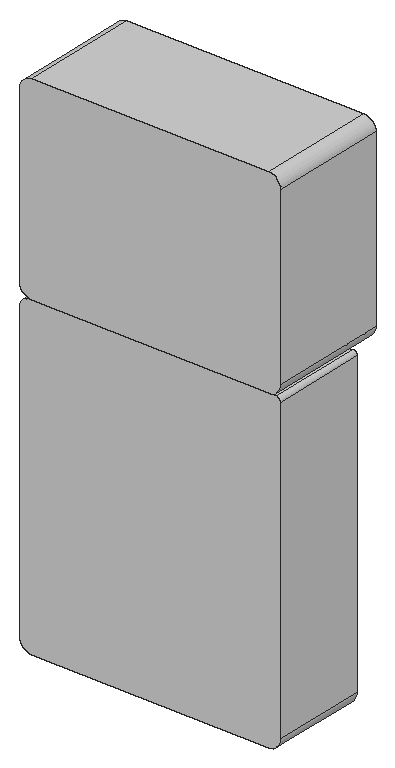
Revit family "Building-IEC309Boards-GEWISS-68QDIN-DISTRIBUTION-BOARD-10MOD_BLANK", category Attrezzatura elettrica, host Muro, Revit 2016
Family settings
  Host = Muro
  Configurazione quadro = Due colonne, circuiti in orizzontale
  Tipo di parte = Pannello comandi
  Quota connettore circolare = Usa diametro
  Numero OmniClass = 23.80.30.11.17
  Titolo OmniClass = Distribution Boards and Control Panels
  Sempre verticale = Sì
  Taglio con vuoti quando caricato = No
  Condiviso = No
  Punto di calcolo locali = No
Parameters (values of type "GW68002N - Q-DIN 10M COP.435x220x95 BLIND IP65")
  Voltaggio = "400V"
  Vista di pianta [instance] = yes
  Vetro = GEWISS - vetro
  Version type = "Empty"
  Version file RFA = "18.0"
  URL = "https://www.gewiss.com/ww/en"
  Thermo-pressure with ball = "70 °C"
  Technical sheet = "https://www.gewiss.com/ww/en/search?q=GW68002N"
  Struttura = GEWISS - Grigio RAL - 7035
  Spessore = 96 mm
  Simbolo [instance] = yes
  Shock resistance = "IK09"
  SEO = "Board"
  Realized by GEWISS S.p.A. = ""
  Produttore = "GEWISS S.p.A."
  Presa = GEWISS - Grigio RAL - 7035
  Potenza = 400 V
  Operating temperature: = "-25 +40 °C"
  Offset etichetta nome quadro [instance] = 125 mm
  Numero poli = 3
  No. of provided blank lids = "-"
  No. of modules EN 50022 = "10"
  Modello = "GW68002N"
  Insulation class = "II"
  Installation type = "Surface-mounting"
  Immagine tipo = GW68002N.jpg
  IP degree = "IP65"
  IFC.TypeObject = ""
  IFC.ExportType = ""
  IFC.ExportAs = ""
  IDT = "5251850b-27dc-44a4-affc-d4abd1ca87ad"
  IDF = "5341b2a5-b902-4f80-ae8c-9d5b282bb473"
  Houseable socket = "Blank lid"
  Glow Wire Test = "650°C"
  GW – Nome quadro [instance] = "NOME"
  Electrocod = "2242"
  ETICHETTA NOME QUADRO [instance] = yes
  EAN code = "8011564744738"
  Distanza orizzontale del simbolo [instance] = 0 mm
  Distanza dal muro [instance] = 0 mm
  Dispersible power B (W) = "42"
  Dispersible power A (W) = "16"
  Descrizione = "Q-DIN 10M COP.435x220x95 BLIND IP65"
  Cornice simbolo [instance] = no
  Colour = "Grey RAL 7035"
  Classificazione carico = Altro
  Catalogue Range = "68 QDIN"
  Catalogue = "BUILDING"
  Carico apparente = 0 VA
  COBie.Tagnumber = ""
  COBie.CreatedOn = ""
  COBie.CreatebBy = ""
  COBie.ComponentRegisterItemID = ""
  COBie.Component.TagNumber = ""
  COBie.Component.Space = ""
  COBie.Component.SerialNumber = ""
  COBie.Component.InstallationDate = ""
  COBie.Component.Description = ""
  COBie.Component.BarCode = ""
  Altezza da terra = 589.057 mm
  Accordance with Standards = "EN 60208 - EN 60670-1 - IEC 60670-24"
Reference planes
  plane 1 "Muro": y = 0
  plane 2 "Centro (Sinistra/Destra)": x = 125
  plane 3 "Indietro": y = 75
  plane 4: z = 589.057
  plane 5: x = -205.386
  plane 6: y = 200
  plane 7: x = 125
  plane 8: y = 200
Lines and regions (mm)
  Masking region 1, visible <- "Vista di pianta"
    outline origin (0, 0, 0) x (1, 0, 0) y (0, 1, 0)
      loop
        line (234.95, 175) -> (15.05, 175) -> (15.05, 75) -> (234.95, 75) -> (234.95, 175)
  Masking region 2
    outline origin (125, 0, 0) x (0, 1, 0) y (0, 0, 1)
      loop
        line (155.196, 154.057) -> (155.196, 422.057) -> (75, 422.057) -> (75, 154.057) -> (155.196, 154.057)
  Masking region 3
    outline origin (125, 0, 0) x (0, 1, 0) y (0, 0, 1)
      loop
        line (175, 589.057) -> (75, 589.057) -> (75, 422.057) -> (175, 422.057) -> (175, 589.057)
Text (mm)
  text "Lato posizionamento" at (-1848.837, 1116.779, 0), in view "Livello rif."
  text "Lato posizionamento" at (0, 1409.804, 2854.306), in view "Sinistra"
  text "Lato posizionamento" at (0, 499.811, 2980.732), in view "Destra"
Dimensions and locks
  locked: plane 3 "Indietro" to host wall
  "Altezza da terra": level to plane 4
  "Distanza orizzontale del simbolo": plane 7 to plane 2 "Centro (Sinistra/Destra)"
  "Offset etichetta nome quadro": plane 8 to host wall
  aligned and locked: plane 1 "Muro" to host wall
  aligned and locked: plane 4 to nested 1
  aligned and locked: nested 3 to plane 6
  aligned and locked: plane 6 to plane 8
  aligned and locked: plane 7 to nested 2
  aligned and locked: Masking region 2 sketch curve to nested 1  (x3)
  aligned and locked: nested 1 to Masking region 2 sketch curve
  aligned and locked: Masking region 3 sketch curve to nested 1  (x4)
  aligned and locked: nested 1 to plane 2 "Centro (Sinistra/Destra)"
  aligned and locked: Masking region 1 to nested 1  (x2)
  aligned and locked: plane 2 "Centro (Sinistra/Destra)" to nested 4
  aligned and locked: nested 4 to plane 4
  aligned and locked: nested 1 to plane 3 "Indietro"
  aligned and locked: plane 3 "Indietro" to nested 1
Automatic sketch dimensions
  Masking region 1 sketch curve to host wall = 0 mm
  Masking region 1 sketch curve to plane 2 "Centro (Sinistra/Destra)" = 109.95 mm
  plane 2 "Centro (Sinistra/Destra)" to Masking region 1 sketch curve = 109.95 mm
  Masking region 1 sketch curve to Masking region 1 sketch curve = 100 mm
Nested families
  nested 1: "QDIN10 QUADRO VUOTO" at (125.05, 75, -432.826) x (-1, 0, 0) z (0, 0, 1), type "QDIN10 QUADRO VUOTO"
  nested 2: "CENTRALINO" at (125, 96.992, 0), Distanza dal muro <- "Distanza dal muro", BORDO ACCESO <- "Cornice simbolo", SIMBOLO ACCESO <- "Simbolo", type "CENTRALINO"
    with SIMBOLO ACCESO yes, Distanza dal muro 0 mm, BORDO ACCESO no
  nested 3: "NOME QUADRO" at (125, 200, 0), TXT <- "GW – Nome quadro", visible <- "ETICHETTA NOME QUADRO", type "NOME QUADRO"
    with TXT "NOME"
  nested 4: "2D - QDIN10 VUOTO" at (125, 0, 154.057) x (-1, 0, 0) z (0, -1, 0), type "BIDIMENSIONALE"
Connectors
  electrical at (125.05, 115.098, 154.057), driven by "Numero poli", driven by "Classificazione carico", driven by "Potenza", driven by "Carico apparente"
    settings: on nested 1, index 1, voltage 400 V, apparent load 0 VA, apparent load phase1 0 VA, apparent load phase2 0 VA, apparent load phase3 0 VA, power factor 1, load classification "Altro", number of poles 3, system type 31, power factor state 1, is connector primary yes, connector utility no, sub classification motor no, connector description ""
Definition of nested family "QDIN10 QUADRO VUOTO"
  Parameters (values of type "QDIN10 QUADRO VUOTO")
    Vetro = none
    Struttura = none
    Spessore = 96 mm
    Default Elevation = 14 mm
    Presa = none
    Lunghezza = 220 mm
    IFC.TypeObject = ""
    IFC.ExportType = ""
    IFC.ExportAs = ""
    H_da terra = 586.883 mm
    COBie.CreatedOn = ""
    COBie.CreatebBy = ""
    COBie.ComponentRegisterItemID = ""
    COBie.Component.TagNumber = ""
    COBie.Component.Space = ""
    COBie.Component.SerialNumber = ""
    COBie.Component.InstallationDate = ""
    COBie.Component.Description = ""
    COBie.Component.BarCode = ""
    Altezza scatole = 268 mm
    Altezza quadro = 167 mm
    Altezza = 258 mm
  Reference planes
    plane 1 "Centro (Fronte/Retro)": y = 0
    plane 2: z = 0
    plane 3 "Centro (Sinistra/Destra)": x = 0
    plane 4 "s": y = -100
    plane 5: z = 586.883
    plane 6: z = 1021.883
    plane 7: x = -110
    plane 8: x = 110
    plane 9: z = 854.883
    plane 10: y = -80.196
    plane 11: z = 835.472
    plane 12: x = 95.006
    plane 13: z = 597.397
    plane 14: x = -95.006
    plane 15: x = -107.597
    plane 16: x = 107.589
    plane 17: z = 864.383
    plane 18: z = 983.347
    plane 19: y = -46.089
    plane 20: y = -87.126
  Forms (mm)
    Extrusion 1, solid, material <- "Struttura"
      sketch origin (0, 0, 0) x (1, 0, 0) y (0, 0, 1)
        loop
          arc (-100, 1021.883) -> (-107.071, 1018.954) -> (-110, 1011.883) r 10
          line (-110, 1011.883) -> (-110, 864.883)
          arc (-110, 864.883) -> (-107.071, 857.812) -> (-100, 854.883) r 10
          line (-100, 854.883) -> (100, 854.883)
          arc (100, 854.883) -> (107.071, 857.812) -> (110, 864.883) r 10
          line (110, 864.883) -> (110, 1011.883)
          arc (110, 1011.883) -> (107.071, 1018.954) -> (100, 1021.883) r 10
          line (100, 1021.883) -> (-100, 1021.883)
      from 0 to 100
    Extrusion 2, solid, material <- "Struttura"
      sketch origin (0, 0, 0) x (1, 0, 0) y (0, 0, 1)
        loop
          line (102.45, 854.883) -> (-106.38, 854.883)
          arc (-106.38, 854.883) -> (-108.94, 853.823) -> (-110, 851.263) r 3.62
          line (-110, 851.263) -> (-110, 596.883)
          arc (-110, 596.883) -> (-107.071, 589.812) -> (-100, 586.883) r 10
          line (-100, 586.883) -> (100, 586.883)
          arc (100, 586.883) -> (107.071, 589.812) -> (110, 596.883) r 10
          line (110, 596.883) -> (110, 847.333)
          arc (110, 847.333) -> (107.789, 852.672) -> (102.45, 854.883) r 7.55
      from 0 to 80.196
    Extrusion 3, void
      sketch origin (0, 0, 0) x (1, 0, 0) y (0, 0, 1)
        loop
          line (-107.597, 983.347) -> (-107.597, 864.383) -> (107.589, 864.383) -> (107.589, 983.347) -> (-107.597, 983.347)
      from 46.089 to 100
    Extrusion 4, solid, material <- "Vetro", detail levels fine
      sketch origin (0, 0, 0) x (1, 0, 0) y (0, 0, 1)
        loop
          line (-107.597, 983.347) -> (-107.597, 864.383) -> (107.589, 864.383) -> (107.589, 983.347) -> (-107.597, 983.347)
      from 87.126 to 100
  Cuts and joins
    Extrusion 3 cuts Extrusion 1
  Dimensions and locks
    plane 4 "s" to plane 1 "Centro (Fronte/Retro)" = 100 mm  (x2)
    "H_da terra": plane 5 to level
    equal spacing: plane 7, plane 3 "Centro (Sinistra/Destra)", plane 8
    "Lunghezza": plane 7 to plane 8
    "Altezza quadro": plane 6 to plane 9
    "Altezza scatole": plane 9 to plane 5
    locked: plane 4 "s" to plane 10 at 19.804
    locked: plane 12 to plane 8 at 14.994
    locked: plane 13 to plane 5 at 10.514
    locked: plane 14 to plane 7 at 14.994
    locked: plane 9 to plane 11 at 19.411
    locked: plane 6 to plane 18 at 38.537
    locked: plane 17 to plane 9 at 9.5
    locked: plane 7 to plane 15 at 2.403
    locked: plane 16 to plane 8 at 2.411
    locked: plane 4 "s" to plane 19 at 53.911
    locked: plane 4 "s" to plane 20 at 12.874
    plane 6 to plane 5 = 435 mm
    aligned and locked: level to plane 2
    aligned and locked: Extrusion 1 sketch curve to plane 6
    aligned and locked: Extrusion 1 sketch curve to plane 8
    aligned and locked: Extrusion 1 sketch curve to plane 7
    aligned and locked: plane 9 to Extrusion 1 sketch curve
    aligned and locked: Extrusion 1 to plane 4 "s"
    aligned and locked: Extrusion 2 sketch curve to plane 9
    aligned and locked: Extrusion 2 sketch curve to plane 8
    aligned and locked: Extrusion 2 sketch curve to plane 7
    aligned and locked: Extrusion 2 sketch curve to plane 5
    aligned and locked: Extrusion 2 to plane 10
    aligned and locked: Extrusion 3 sketch curve to plane 18
    aligned and locked: Extrusion 3 sketch curve to plane 16
    aligned and locked: Extrusion 3 sketch curve to plane 15
    aligned and locked: Extrusion 3 sketch curve to plane 17
    aligned and locked: plane 19 to cut or joined group of Extrusion 1, Extrusion 3
    aligned and locked: Extrusion 3 to plane 4 "s"
    aligned and locked: Extrusion 4 sketch curve to plane 18
    aligned and locked: Extrusion 4 sketch curve to plane 16
    aligned and locked: Extrusion 4 sketch curve to plane 17
    aligned and locked: Extrusion 4 sketch curve to plane 15
    aligned and locked: Extrusion 4 to plane 4 "s"
    aligned and locked: plane 20 to Extrusion 4
  Automatic sketch dimensions
    Extrusion 1 sketch curve to Extrusion 1 sketch curve = 10 mm  (x2)
    Extrusion 1 sketch curve to plane 7 = 10 mm
    plane 8 to Extrusion 1 sketch curve = 10 mm
    Extrusion 2 sketch curve to Extrusion 2 sketch curve = 3.62 mm
    Extrusion 2 sketch curve to plane 7 = 10 mm
    Extrusion 2 sketch curve to Extrusion 2 sketch curve = 10 mm
    plane 8 to Extrusion 2 sketch curve = 7.55 mm
Definition of nested family "CENTRALINO"
  Parameters (values of type "CENTRALINO")
    SIMBOLO ACCESO [instance] = yes
    Distanza dal muro [instance] = 0 mm
    BORDO ACCESO [instance] = yes
  Reference planes
    plane 1: y = 0
    plane 2: x = 0
  Dimensions and locks
    "Distanza dal muro": plane 1 to nested 1
    aligned and locked: plane 2 to nested 1
  Nested families
    nested 1: "CENTRALINO_BASE" at (0, 0, 0), BORDO ACCESO <- "BORDO ACCESO", visible <- "SIMBOLO ACCESO", type "CENTRALINO"
      with BORDO ACCESO yes
  Definition of nested family "CENTRALINO_BASE"
    Parameters (values of type "CENTRALINO")
      Distanza dal muro = 0 mm
      BORDO ACCESO [instance] = yes
    Reference planes
      plane 1: y = 0
      plane 2: x = 0
    Lines and regions (mm)
      detail lines, visible <- "BORDO ACCESO", not visible
        curve 1: line (-2.443, 10.208, 0) -> (2.057, 10.208, 0)
        curve 2: line (2.057, 10.208, 0) -> (2.057, 4.208, 0)
        curve 3: line (2.057, 4.208, 0) -> (-2.443, 4.208, 0)
        curve 4: line (-2.443, 4.208, 0) -> (-2.443, 10.208, 0)
        curve 5: line (-2.043, 9.808, 0) -> (1.657, 9.808, 0)
        curve 6: line (1.657, 9.808, 0) -> (1.657, 4.608, 0)
        curve 7: line (1.657, 4.608, 0) -> (-2.043, 4.608, 0)
        curve 8: line (-2.043, 4.608, 0) -> (-2.043, 9.808, 0)
      detail lines
        curve 9: line (0, 0.905, 0) -> (0, 0.235, 0)
        curve 10: line (0.659, 0.905, 0) -> (0.659, 1.564, 0)
        curve 11: line (0.659, 1.564, 0) -> (-0.659, 1.564, 0)
        curve 12: line (-0.659, 1.564, 0) -> (-0.659, 0.905, 0)
        curve 13: line (-0.659, 0.905, 0) -> (0.659, 0.905, 0)
        curve 14: line (0.497, 1.564, 0) -> (0.497, 2.235, 0)
        curve 15: line (0.167, 1.564, 0) -> (0.167, 2.235, 0)
        curve 16: line (-0.162, 1.564, 0) -> (-0.162, 2.235, 0)
        curve 17: line (-0.491, 1.564, 0) -> (-0.491, 2.235, 0)
Definition of nested family "NOME QUADRO"
  Parameters (values of type "NOME QUADRO")
    TXT [instance] = ""
  Reference planes
    plane 1: y = 0
    plane 2: x = 0
  Text (mm)
    label "NOME QUADRO" at (0.217, 0.029, 0), shows "TXT"
Definition of nested family "2D - QDIN10 VUOTO"
  Reference planes
    plane 1 "Centro (Fronte/Retro)": y = 0
    plane 2: z = 0
    plane 3 "Centro (Sinistra/Destra)": x = 0
  Lines and regions (mm)
    model lines, in view "Livello rif."
      curve 1: arc (110, 420, 0) -> (105.607, 430.607, 0) -> (95, 435, 0) r 15
      curve 2: arc (-95, 435, 0) -> (-105.607, 430.607, 0) -> (-110, 420, 0) r 15
      curve 3: arc (-110, 15, 0) -> (-109.767, 12.364, 0) -> (-109.073, 9.81, 0) r 15
      curve 4: arc (95, 0, 0) -> (105.607, 4.393, 0) -> (110, 15, 0) r 15
      curve 5: arc (-109.073, 9.81, 0) -> (-103.577, 2.694, 0) -> (-95, 0, 0) r 15
      curve 6: line (110, 420, 0) -> (110, 414.81, 0)
      curve 7: line (109.945, 414.844, 0) -> (109.945, 15, 0)
      curve 8: line (-95, 435, 0) -> (95, 435, 0)
      curve 9: line (95, 435, 0) -> (-95, 435, 0)
      curve 10: line (-110, 15, 0) -> (-110, 420, 0)
      curve 11: line (-95, 0, 0) -> (95, 0, 0)
      curve 12: line (-94.702, 0, 0) -> (94.702, 0, 0)
    detail lines, in view "Livello rif."
      curve 13: line (102.291, 272.167, 0) -> (102.153, 271.436, 0)
      curve 14: line (102.153, 271.436, 0) -> (101.706, 270.752, 0)
      curve 15: line (101.706, 270.752, 0) -> (101.208, 270.389, 0)
      curve 16: line (101.208, 270.389, 0) -> (100.29, 270.168, 0)
      curve 17: line (100.29, 270.168, 0) -> (-100.29, 270.168, 0)
      curve 18: line (-100.29, 270.168, 0) -> (-101.208, 270.389, 0)
      curve 19: line (-101.208, 270.389, 0) -> (-101.706, 270.752, 0)
      curve 20: line (-101.706, 270.752, 0) -> (-102.153, 271.436, 0)
      curve 21: line (-102.153, 271.436, 0) -> (-102.291, 272.167, 0)
      curve 22: line (-102.291, 272.167, 0) -> (-102.291, 385.799, 0)
      curve 23: line (-102.291, 385.799, 0) -> (-102.153, 386.53, 0)
      curve 24: line (-102.153, 386.53, 0) -> (-101.706, 387.214, 0)
      curve 25: line (-101.706, 387.214, 0) -> (-101.208, 387.577, 0)
      curve 26: line (-101.208, 387.577, 0) -> (-100.291, 387.799, 0)
      curve 27: line (-100.291, 387.799, 0) -> (100.291, 387.799, 0)
      curve 28: line (100.291, 387.799, 0) -> (101.208, 387.577, 0)
      curve 29: line (101.208, 387.577, 0) -> (101.706, 387.214, 0)
      curve 30: line (101.706, 387.214, 0) -> (102.153, 386.53, 0)
      curve 31: line (102.153, 386.53, 0) -> (102.291, 385.799, 0)
      curve 32: line (-90, 362.5, 0) -> (90, 362.5, 0)
      curve 33: line (90, 362.5, 0) -> (90, 317.5, 0)
      curve 34: line (90, 317.5, 0) -> (-90, 317.5, 0)
      curve 35: line (-90, 317.5, 0) -> (-90, 362.5, 0)
      curve 36: line (-102.291, 294.334, 0) -> (102.291, 294.334, 0)
      curve 37: line (102.291, 385.799, 0) -> (102.291, 272.167, 0)
      curve 38: line (22.866, 283.964, 0) -> (9.776, 283.964, 0)
      curve 39: line (34.911, 290.746, 0) -> (36.453, 290.746, 0)
      curve 40: line (36.453, 290.746, 0) -> (36.736, 290.578, 0)
      curve 41: line (36.736, 290.578, 0) -> (34.548, 288.056, 0)
      curve 42: line (34.548, 288.056, 0) -> (31.168, 285.857, 0)
      curve 43: line (31.168, 285.857, 0) -> (28.166, 284.655, 0)
      curve 44: line (28.166, 284.655, 0) -> (25.591, 284.129, 0)
      curve 45: line (25.591, 284.129, 0) -> (22.866, 283.964, 0)
      curve 46: line (-34.548, 288.056, 0) -> (-31.168, 285.857, 0)
      curve 47: line (-31.168, 285.857, 0) -> (-28.166, 284.655, 0)
      curve 48: line (-28.166, 284.655, 0) -> (-25.591, 284.129, 0)
      curve 49: line (-25.591, 284.129, 0) -> (-22.866, 283.964, 0)
      curve 50: line (-22.866, 283.964, 0) -> (-9.776, 283.964, 0)
      curve 51: line (-34.911, 290.746, 0) -> (-36.453, 290.746, 0)
      curve 52: line (-36.453, 290.746, 0) -> (-36.736, 290.578, 0)
      curve 53: line (-36.736, 290.578, 0) -> (-34.548, 288.056, 0)
      curve 54: line (-34.911, 290.746, 0) -> (-35.366, 292.186, 0)
      curve 55: line (-35.366, 292.186, 0) -> (-35.366, 294.334, 0)
      curve 56: line (-35.366, 294.334, 0) -> (-35.366, 296.591, 0)
      curve 57: line (-35.366, 296.591, 0) -> (-34.165, 298.364, 0)
      curve 58: line (-34.165, 298.364, 0) -> (-32.353, 299.64, 0)
      curve 59: line (-32.353, 299.64, 0) -> (-29.596, 301.03, 0)
      curve 60: line (-29.596, 301.03, 0) -> (-26.704, 301.917, 0)
      curve 61: line (-26.704, 301.917, 0) -> (-24.338, 302.269, 0)
      curve 62: line (-24.338, 302.269, 0) -> (-22.866, 302.329, 0)
      curve 63: line (-22.866, 302.329, 0) -> (22.866, 302.329, 0)
      curve 64: line (22.866, 302.329, 0) -> (24.338, 302.269, 0)
      curve 65: line (24.338, 302.269, 0) -> (26.704, 301.917, 0)
      curve 66: line (26.704, 301.917, 0) -> (29.596, 301.03, 0)
      curve 67: line (29.596, 301.03, 0) -> (32.353, 299.64, 0)
      curve 68: line (32.353, 299.64, 0) -> (34.165, 298.364, 0)
      curve 69: line (34.165, 298.364, 0) -> (35.366, 296.591, 0)
      curve 70: line (35.366, 296.591, 0) -> (35.366, 294.334, 0)
      curve 71: line (35.366, 294.334, 0) -> (35.366, 292.186, 0)
      curve 72: line (35.366, 292.186, 0) -> (34.911, 290.746, 0)
      curve 73: line (0.01, 273.656, 0) -> (-4.782, 274.94, 0)
      curve 74: line (-4.782, 274.94, 0) -> (-8.289, 278.447, 0)
      curve 75: line (-8.289, 278.447, 0) -> (-9.573, 283.239, 0)
      curve 76: line (-9.573, 283.239, 0) -> (-8.289, 288.031, 0)
      curve 77: line (-8.289, 288.031, 0) -> (-4.782, 291.538, 0)
      curve 78: line (-4.782, 291.538, 0) -> (0.01, 292.822, 0)
      curve 79: line (0.01, 292.822, 0) -> (4.802, 291.538, 0)
      curve 80: line (4.802, 291.538, 0) -> (8.309, 288.031, 0)
      curve 81: line (8.309, 288.031, 0) -> (9.593, 283.239, 0)
      curve 82: line (9.593, 283.239, 0) -> (8.309, 278.447, 0)
      curve 83: line (8.309, 278.447, 0) -> (4.802, 274.94, 0)
      curve 84: line (4.802, 274.94, 0) -> (0.01, 273.656, 0)
